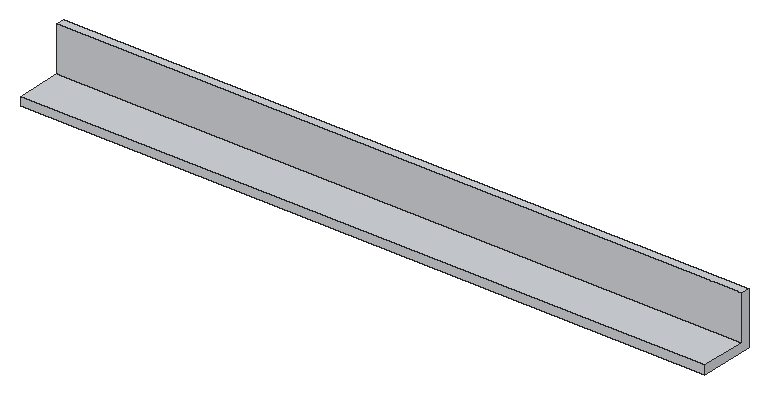
Revit family "L Frame", category Generic Models, Revit 2025
Family settings
  Can host rebar = No
  Round Connector Dimension = Use Diameter
  Part Type = Normal
  Work Plane-Based = Yes
  Always vertical = No
  Cut with Voids When Loaded = No
  Maintain Annotation Orientation = No
  Shared = No
  Room Calculation Point = No
Parameters
  Ladder Size [instance] = 46 mm
  Ladder Material = none
  Ladder Length [instance] = 580 mm
  Default Elevation = 1219.2 mm
Reference planes
  plane 1 "Center (Front/Back)": y = 0
  plane 2: z = 0
  plane 3 "Center (Left/Right)": x = 0
  plane 4: x = 580
Forms (mm)
  Extrusion 1, solid, material <- "Ladder Material"
    sketch origin (0, 0, 0) x (0, 1, 0) y (0, 0, 1)
      loop
        line (16, 7) -> (-23, 7) -> (-23, 0) -> (23, 0) -> (23, 10) -> (23, 45) -> (16, 45) -> (16, 7)
    from 0 to 580
Dimensions and locks
  "Ladder Length": plane 3 "Center (Left/Right)" to plane 4
  aligned and locked: level to plane 2
  aligned and locked: Extrusion 1 to plane 3 "Center (Left/Right)"
  aligned and locked: plane 4 to Extrusion 1
Automatic sketch dimensions
  plane 1 "Center (Front/Back)" to Extrusion 1 sketch curve = 23 mm
  Extrusion 1 sketch curve to plane 1 "Center (Front/Back)" = 23 mm
  Extrusion 1 sketch curve to level = 0 mm
  Extrusion 1 sketch curve to Extrusion 1 sketch curve = 38 mm
  level to Extrusion 1 sketch curve = 7 mm
  Extrusion 1 sketch curve to Extrusion 1 sketch curve = 7 mm
  level to Extrusion 1 sketch curve = 10 mm
